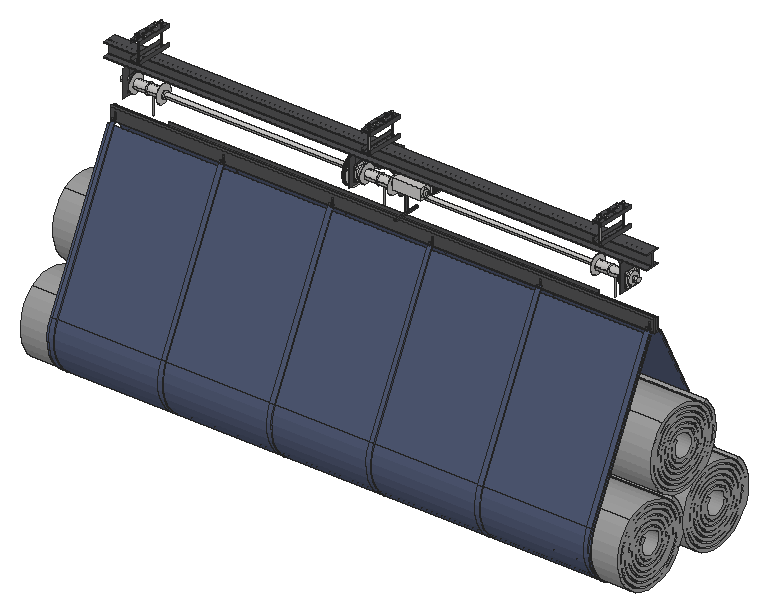
Revit family "Wrestling_Mat_Storage-PSS-4091", category Specialty Equipment, Revit 2019 (continued)
Definition of nested family "Wrestling_Mat_Storage-Hoist-PSS"
  Forms (in)
    Extrusion 55, solid, detail levels medium+fine
      sketch origin (23.0625, 31.64778, -3.17969) x (0, 1, 0) y (0, 0, 1)
        loop
          line (-32.21028, 8.80469) -> (-32.21028, 7.05469) -> (-30.46028, 7.05469) -> (-30.46028, 8.80469) -> (-32.21028, 8.80469)
        loop
          line (-32.02278, 8.61719) -> (-32.02278, 7.24219) -> (-30.64778, 7.24219) -> (-30.64778, 8.61719) -> (-32.02278, 8.61719)
        loop
          line (-31.89778, 8.49219) -> (-31.89778, 7.36719) -> (-30.77278, 7.36719) -> (-30.77278, 8.49219) -> (-31.89778, 8.49219)
        loop
          line (-31.71028, 8.30469) -> (-31.71028, 7.55469) -> (-30.96028, 7.55469) -> (-30.96028, 8.30469) -> (-31.71028, 8.30469)
        loop
          line (-31.08528, 8.17969) -> (-31.58528, 8.17969) -> (-31.58528, 7.67969) -> (-31.08528, 7.67969) -> (-31.08528, 8.17969)
        loop
          circle (-29.58528, 6.17969) r 0.0625
        loop
          circle (-33.08528, 9.67969) r 0.0625
        loop
          circle (-33.08528, 6.17969) r 0.0625
      from 0 to 1.25
    Extrusion 56, solid, detail levels medium+fine
      sketch origin (23.0625, 5, 0) x (0, 1, 0) y (0, 0, 1)
        loop
          circle (-9.63644, 4.84421) r 1.25
        loop
          circle (-9.63644, 4.84421) r 0.625
      from 0 to 0.75
    Extrusion 57, solid, detail levels medium+fine
      sketch origin (23.0625, 5, 0) x (0, 1, 0) y (0, 0, 1)
        loop
          arc (-9.2615, 6.35091) -> (-9.63644, 6.71921) -> (-10.01138, 6.35091) r 0.375
          arc (-10.01138, 6.35091) -> (-10.08055, 6.10596) -> (-10.26134, 5.9268) r 0.5
          arc (-10.26134, 5.9268) -> (-9.63644, 6.09421) -> (-9.01154, 5.9268) r 1.25
          arc (-9.01154, 5.9268) -> (-9.19234, 6.10596) -> (-9.2615, 6.35091) r 0.5
        loop
          arc (-8.51908, 3.76615) -> (-8.01265, 3.90671) -> (-8.14414, 4.41557) r 0.375
          arc (-8.14414, 4.41557) -> (-8.32168, 4.59795) -> (-8.38644, 4.8441) r 0.5
          arc (-8.38644, 4.8441) -> (-8.55391, 4.21921) -> (-9.01134, 3.76174) r 1.25
          arc (-9.01134, 3.76174) -> (-8.76579, 3.82873) -> (-8.51908, 3.76615) r 0.5
        loop
          arc (-11.12875, 4.41557) -> (-11.26024, 3.90671) -> (-10.75381, 3.76615) r 0.375
          arc (-10.75381, 3.76615) -> (-10.5071, 3.82873) -> (-10.26154, 3.76174) r 0.5
          arc (-10.26154, 3.76174) -> (-10.71898, 4.21921) -> (-10.88644, 4.8441) r 1.25
          arc (-10.88644, 4.8441) -> (-10.95121, 4.59795) -> (-11.12875, 4.41557) r 0.5
        loop
          circle (-9.63644, 6.34421) r 0.125
        loop
          circle (-8.33741, 4.09421) r 0.125
        loop
          circle (-10.93548, 4.09421) r 0.125
      from 0 to 0.375
    Extrusion 58, solid, detail levels medium+fine
      sketch origin (23.0625, 5, 0) x (0, 1, 0) y (0, 0, 1)
        loop
          circle (-9.63644, 4.84421) r 0.375
        loop
          circle (-9.63644, 4.84421) r 0.625
      from 0 to 1
    Extrusion 59, solid, detail levels medium+fine
      sketch origin (10.5625, 5, 0) x (0, 1, 0) y (0, 0, -1)
        loop
          circle (-9.63644, -4.84421) r 1.25
        loop
          circle (-9.63644, -4.84421) r 0.625
      from 0 to 0.75
    Extrusion 60, solid, detail levels medium+fine
      sketch origin (10.5625, 5, 0) x (0, 1, 0) y (0, 0, -1)
        loop
          arc (-9.2615, -6.35091) -> (-9.19234, -6.10596) -> (-9.01154, -5.9268) r 0.5
          arc (-9.01154, -5.9268) -> (-9.63644, -6.09421) -> (-10.26134, -5.9268) r 1.25
          arc (-10.26134, -5.9268) -> (-10.08055, -6.10596) -> (-10.01138, -6.35091) r 0.5
          arc (-10.01138, -6.35091) -> (-9.63644, -6.71921) -> (-9.2615, -6.35091) r 0.375
        loop
          arc (-8.51908, -3.76615) -> (-8.76579, -3.82873) -> (-9.01134, -3.76174) r 0.5
          arc (-9.01134, -3.76174) -> (-8.55391, -4.21921) -> (-8.38644, -4.8441) r 1.25
          arc (-8.38644, -4.8441) -> (-8.32168, -4.59795) -> (-8.14414, -4.41557) r 0.5
          arc (-8.14414, -4.41557) -> (-8.01265, -3.90671) -> (-8.51908, -3.76615) r 0.375
        loop
          arc (-11.12875, -4.41557) -> (-10.95121, -4.59795) -> (-10.88644, -4.8441) r 0.5
          arc (-10.88644, -4.8441) -> (-10.71898, -4.21921) -> (-10.26154, -3.76174) r 1.25
          arc (-10.26154, -3.76174) -> (-10.5071, -3.82873) -> (-10.75381, -3.76615) r 0.5
          arc (-10.75381, -3.76615) -> (-11.26024, -3.90671) -> (-11.12875, -4.41557) r 0.375
        loop
          circle (-9.63644, -6.34421) r 0.125
        loop
          circle (-8.33741, -4.09421) r 0.125
        loop
          circle (-10.93548, -4.09421) r 0.125
      from 0 to 0.375
    Extrusion 61, solid, detail levels medium+fine
      sketch origin (10.5625, 5, 0) x (0, 1, 0) y (0, 0, -1)
        loop
          circle (-9.63644, -4.84421) r 0.375
        loop
          circle (-9.63644, -4.84421) r 0.625
      from 0 to 1
    Extrusion 62, solid, material <- "Superstructure Finish", detail levels medium+fine
      sketch origin (0, 2, 0) x (1, 0, 0) y (0, 1, 0)
        loop
          circle (9.6875, 0) r 0.5
        loop
          circle (9.6875, 0) r 0.375
      from -11 to 2
    Extrusion 63, solid, material <- "Superstructure Finish", detail levels medium+fine
      sketch origin (0, 2, 0) x (1, 0, 0) y (0, 1, 0)
        loop
          circle (9.6875, 0) r 0.5
        loop
          circle (9.6875, 0) r 0.6875
      from 0 to 7.25
    Extrusion 64, solid, material <- "Superstructure Finish", detail levels medium+fine
      sketch origin (9.625, 1.625, 5.33347) x (0, 1, 0) y (0, 0, 1)
        loop
          line (0, -8.58347) -> (0, -7.33347) -> (-1.375, -7.33347)
          arc (-1.375, -7.33347) -> (-2.34727, -6.93075) -> (-2.75, -5.95847) r 1.375
          line (-2.75, -5.95847) -> (-2.75, -0.33347)
          arc (-2.75, -0.33347) -> (-2.82322, -0.1567) -> (-3, -0.08347) r 0.25
          line (-3, -0.08347) -> (-3.75, -0.08347)
          arc (-3.75, -0.08347) -> (-3.92678, -0.1567) -> (-4, -0.33347) r 0.25
          line (-4, -0.33347) -> (-4, -5.95847)
          arc (-4, -5.95847) -> (-3.23116, -7.81463) -> (-1.375, -8.58347) r 2.625
          line (-1.375, -8.58347) -> (0, -8.58347)
        loop
          arc (-3.625, -0.45847) -> (-3.75, -0.58347) -> (-3.625, -0.70847) r 0.125
          line (-3.625, -0.70847) -> (-3.125, -0.70847)
          arc (-3.125, -0.70847) -> (-3, -0.58347) -> (-3.125, -0.45847) r 0.125
          line (-3.125, -0.45847) -> (-3.625, -0.45847)
      from 0 to 0.125
    Extrusion 65, solid, material <- "Superstructure Finish", detail levels medium+fine
      sketch origin (0, 2, 0.25) x (1, 0, 0) y (0, 0, 1)
        loop
          circle (9.6875, -11.25) r 0.5
        loop
          circle (9.6875, -11.25) r 0.375
      from -6 to 6
    Extrusion 66, solid, material <- "Superstructure Finish", detail levels medium+fine
      sketch origin (0, 0, 7.25) x (1, 0, 0) y (0, 1, 0)
        loop
          circle (-7.875, 10.0625) r 0.25
        loop
          circle (-1.375, 10.0625) r 0.25
        loop
          circle (-7.875, 5.1875) r 0.25
        loop
          circle (-1.375, 5.1875) r 0.25
        loop
          line (-9.625, 12.125) -> (-9.625, 3.125) -> (0.375, 3.125) -> (0.375, 12.125) -> (-9.625, 12.125)
      from 0 to 0.5
    Extrusion 67, solid, detail levels fine
      sketch origin (-6.55965, 3.63607, 0) x (1, 0, 0) y (0, 1, 0)
        loop
          circle (-1.31535, 6.42643) r 0.25
        loop
          circle (-1.31535, 1.55143) r 0.25
        loop
          circle (5.18465, 6.42643) r 0.25
        loop
          circle (5.18465, 1.55143) r 0.25
      from 6.625 to 8.375
    Extrusion 68, solid, detail levels fine
      sketch origin (0, 0, -4.625) x (0, -1, 0) y (1, 0, 0)
        loop
          line (-10.46875, -7.64045) -> (-10.46875, -8.10955) -> (-10.0625, -8.3441) -> (-9.65625, -8.10955) -> (-9.65625, -7.64045) -> (-10.0625, -7.4059) -> (-10.46875, -7.64045)
        loop
          line (-10.46875, -1.14045) -> (-10.46875, -1.60955) -> (-10.0625, -1.8441) -> (-9.65625, -1.60955) -> (-9.65625, -1.14045) -> (-10.0625, -0.9059) -> (-10.46875, -1.14045)
        loop
          line (-5.59375, -7.64045) -> (-5.59375, -8.10955) -> (-5.1875, -8.3441) -> (-4.78125, -8.10955) -> (-4.78125, -7.64045) -> (-5.1875, -7.4059) -> (-5.59375, -7.64045)
        loop
          line (-5.59375, -1.14045) -> (-5.59375, -1.60955) -> (-5.1875, -1.8441) -> (-4.78125, -1.60955) -> (-4.78125, -1.14045) -> (-5.1875, -0.9059) -> (-5.59375, -1.14045)
      from 11 to 11.25
    Extrusion 69, solid, detail levels fine
      sketch origin (0, 0, 11.625) x (0, -1, 0) y (1, 0, 0)
        loop
          circle (-6.5, 0) r 0.1875
        loop
          line (-6.78125, 0.16238) -> (-6.78125, -0.16238) -> (-6.5, -0.32476) -> (-6.21875, -0.16238) -> (-6.21875, 0.16238) -> (-6.5, 0.32476) -> (-6.78125, 0.16238)
        loop
          circle (6.5, 0) r 0.1875
        loop
          line (6.78125, 0.16238) -> (6.5, 0.32476) -> (6.21875, 0.16238) -> (6.21875, -0.16238) -> (6.5, -0.32476) -> (6.78125, -0.16238) -> (6.78125, 0.16238)
      from 11 to 11.25
Definition of nested family "Wrestling_Mat_Storage-Sling_Strap-PSS-4091"
  Parameters
    URL = "http://www.perfsports.com/"
    Superstructure Finish = none
    Sling Material = none
    Manufacturer = "Performance Sports Systems"  # constant formula
    Description = "Sling Strap for Wrestling Mat Storage System"
    Default Elevation = 4' - 0"
    Created By = "Revitus"  # constant formula
    Creator URL = "http://www.revituspro.com/"
    Assembly Code = ""
  Reference planes (in)
    plane 1 "Center (Front/Back)": y = 0
    plane 2: z = 0
    plane 3 "Center (Left/Right)": x = 0
    plane 4: z = -18
    plane 5: z = 41.5
    plane 6: y = 1
    plane 7: y = -1
    plane 8: z = 44.5
    plane 9: z = -30.625
    plane 10: z = -48.625
    plane 11: y = 18
    plane 12: y = -18
    plane 13: y = 36
    plane 14: y = -36
  Forms (in)
    Sweep 1, solid, material <- "Superstructure Finish", detail levels medium+fine
      path origin (0, 0, 0) x (0, 1, 0) y (0, 0, 1)
        loop
          line (1.1875, 44.5) -> (1.1875, 42.375)
          arc (1.1875, 42.375) -> (1.875, 41.6875) -> (2.5625, 42.375) r 0.6875
          line (2.5625, 42.375) -> (2.5625, 43)
      profile origin (0, 1.1875, 43.4375) x (1, 0, 0) y (0, 1, 0)
        loop
          circle (0, 0) r 0.1875
    Sweep 2, solid, material <- "Superstructure Finish", detail levels medium+fine
      path origin (0, 0, 0) x (0, -1, 0) y (0, 0, 1)
        loop
          line (1.1875, 44.5) -> (1.1875, 42.375)
          arc (1.1875, 42.375) -> (1.875, 41.6875) -> (2.5625, 42.375) r 0.6875
          line (2.5625, 42.375) -> (2.5625, 43)
      profile origin (0, -1.1875, 43.4375) x (1, 0, 0) y (0, 1, 0)
        loop
          circle (0, 0) r 0.1875
    Extrusion 3, solid, material <- "Sling Material"
      sketch origin (0, 0, 0) x (0, 1, 0) y (0, 0, 1)
        loop
          line (1.8519, 42.5) -> (1.73653, 42.45124) -> (34.21252, -22.52131)
          arc (34.21252, -22.52131) -> (33.41744, -40.15485) -> (18, -48.75) r 18.125
          line (18, -48.75) -> (-18, -48.75)
          arc (-18, -48.75) -> (-33.41744, -40.15485) -> (-34.21252, -22.52131) r 18.125
          line (-34.21252, -22.52131) -> (-1.73653, 42.45124) -> (-1.8519, 42.5) -> (-34.32433, -22.46542)
          arc (-34.32433, -22.46542) -> (-33.52377, -40.22058) -> (-18, -48.875) r 18.25
          line (-18, -48.875) -> (18, -48.875)
          arc (18, -48.875) -> (33.52377, -40.22058) -> (34.32433, -22.46542) r 18.25
          line (34.32433, -22.46542) -> (1.8519, 42.5)
      from -1 to 1
  Dimensions and locks (in)
    level to plane 9 to plane 10 = 2' - 6 5/8" locked, 1' - 6" locked
    locked: plane 5 to plane 4 at 59.5
    plane 13 to plane 11 to plane 1 "Center (Front/Back)" to plane 12 to plane 14 = 1' - 6" locked, 1' - 6" locked, 1' - 6" locked, 1' - 6" locked
    aligned and locked: level to plane 2
